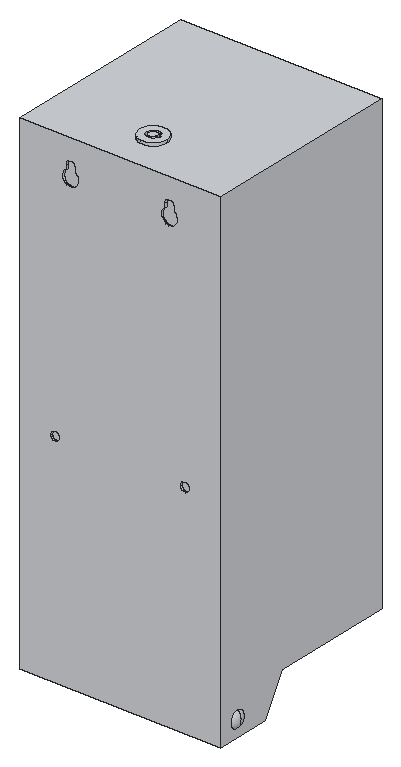
Revit family "AX9424-AC-HA_0002", category Appareils sanitaires, Revit 2016
Family settings
  Hôte = Mur
  Type d'élément = Normal
  Cote de connecteur circulaire = Utiliser le diamètre
  Numéro OmniClass = 23.75.00.00
  Titre OmniClass = Climate Control (HVAC)
  Toujours verticalement = Oui
  Couper avec des vides une fois chargée = Non
  Partagée = Non
  Point de calcul de pièce = Non
Parameters (values of type "Type 1")
  URL = "https://www.axeuro.com/fr/distributeurs-de-gel-hydroalcoolique/26128-distributeur-ax9424-ac-ha-3700926008551.html"
  Type de produit / Type of product = "Distributeur automatique de gel hydroalcoolique / Automatic hydroalcoholic gel dispenser"  # constant formula
  Référence / Reference = "AX9424-AC-HA"  # constant formula
  Model = ""
  Manufacturer = ""
  Entreprise / Company = "Axeuro"  # constant formula
  Description = ""
Reference planes
  plane 1 "Mur": y = 0
  plane 2 "Centre (gauche/droite)": x = 0
  plane 3 "Arrière": y = 75
Forms (mm)
  Extrusion 1, solid, not visible
    sketch origin (0, 75, 32.766) x (1, 0, 0) y (0, 0, 1)
      loop
        line (124.636, 467.234) -> (-157.364, 467.234) -> (-157.364, 77.234) -> (124.636, 77.234) -> (124.636, 467.234)
      loop
        line (122.836, 465.434) -> (-155.564, 465.434) -> (-155.564, 79.034) -> (122.836, 79.034) -> (122.836, 465.434)
    from -110 to 0
  Extrusion 2, solid, not visible
    sketch origin (0, 0, 32.766) x (0, 1, 0) y (0, 0, 1)
      loop
        line (75, 467.234) -> (75, 77.234) -> (76.843, 77.234) -> (76.843, 467.234) -> (75, 467.234)
    from -157.364 to 124.636
  Extrusion 3, solid, not visible
    sketch origin (0, 75, 32.766) x (1, 0, 0) y (0, 0, 1)
      loop
        line (122.836, 465.434) -> (-155.564, 465.434) -> (-155.564, 296.437) -> (122.836, 296.437) -> (122.836, 465.434)
    from -110 to 0
  Extrusion 4, solid, not visible
    sketch origin (0, 75, -184.637) x (1, 0, 0) y (0, 0, 1)
      loop
        line (122.836, 513.841) -> (-155.564, 513.841) -> (-155.564, 296.437) -> (122.836, 296.437) -> (122.836, 513.841)
    from -110 to 0
  Extrusion 5, solid, not visible
    sketch origin (-17.336, 75, 48.525) x (1, 0, 0) y (0, 0, 1)
      loop
        circle (-91.889, 325.864) r 19.45
    from -110.457 to -110
  Extrusion 6, void, not visible
    sketch origin (-11.211, 0, 5.271) x (1, 0, 0) y (0, 0, 1)
      loop
        circle (-109.008, 447.263) r 3
    from -76.843 to -75
  Extrusion 7, solid, not visible
    sketch origin (0, 75, 32.766) x (1, 0, 0) y (0, 0, 1)
      loop
        line (124.636, 467.234) -> (-157.364, 467.234) -> (-157.364, 77.234) -> (124.636, 77.234) -> (124.636, 467.234)
      loop
        line (122.836, 465.434) -> (-155.564, 465.434) -> (-155.564, 79.034) -> (122.836, 79.034) -> (122.836, 465.434)
    from -110 to 0
  Extrusion 8, solid, not visible
    sketch origin (0, 75, 32.766) x (1, 0, 0) y (0, 0, 1)
      loop
        line (122.836, 465.434) -> (-155.564, 465.434) -> (-155.564, 296.437) -> (122.836, 296.437) -> (122.836, 465.434)
    from -110 to 0
  Extrusion 9, solid, not visible
    sketch origin (0, 75, -184.637) x (1, 0, 0) y (0, 0, 1)
      loop
        line (122.836, 513.841) -> (-155.564, 513.841) -> (-155.564, 296.437) -> (122.836, 296.437) -> (122.836, 513.841)
    from -110 to 0
  Extrusion 10, solid, not visible
    sketch origin (-17.336, 75, 48.525) x (1, 0, 0) y (0, 0, 1)
      loop
        circle (-91.889, 325.864) r 19.45
    from -110.457 to -110
  Extrusion 11, void, not visible
    sketch origin (-11.211, 0, 5.271) x (1, 0, 0) y (0, 0, 1)
      loop
        circle (-109.008, 447.263) r 3
    from -76.843 to -75
  Extrusion 12, solid
    sketch origin (45.053, -71.24, 0) x (1, 0, 0) y (0, 1, 0)
      loop
        line (-100.053, 146.24) -> (9.947, 146.24) -> (9.947, 256.24) -> (-100.053, 256.24) -> (-100.053, 146.24)
    from 270 to 540
  Extrusion 13, void
    sketch origin (0, 0, 0) x (0, 1, 0) y (0, 0, 1)
      loop
        line (105, 270) -> (185, 270) -> (185, 290) -> (117, 290) -> (105, 270)
    from -55 to 55
  Extrusion 14, void
    sketch origin (-48.587, 0, 27.144) x (1, 0, 0) y (0, 0, 1)
      loop
        arc (19.087, 496.877) -> (21.587, 488.856) -> (24.087, 496.877) r 4.4
        line (24.087, 496.877) -> (24.087, 499.356)
        arc (24.087, 499.356) -> (21.587, 501.856) -> (19.087, 499.356) r 2.5
        line (19.087, 499.356) -> (19.087, 496.877)
    from -75.849 to -75
  Extrusion 15, void
    sketch origin (48.587, 0, 27.144) x (-1, 0, 0) y (0, 0, -1)
      loop
        line (19.087, -496.877) -> (19.087, -499.356)
        arc (19.087, -499.356) -> (21.587, -501.856) -> (24.087, -499.356) r 2.5
        line (24.087, -499.356) -> (24.087, -496.877)
        arc (24.087, -496.877) -> (21.587, -488.856) -> (19.087, -496.877) r 4.4
    from -75.849 to -75
  Extrusion 16, void
    sketch origin (0, 0, -6.997) x (-1, 0, 0) y (0, 0, -1)
      loop
        circle (-35.5, -398) r 2.5
    from -75.849 to -75
  Extrusion 17, void
    sketch origin (0, 0, -6.997) x (1, 0, 0) y (0, 0, 1)
      loop
        circle (-35.5, 398) r 2.5
    from -75.849 to -75
  Revolve 18, solid
    sketch origin (0, 86, -2.553) x (1, 0, 0) y (0, 0, 1)
      loop
        line (55, 282.053) -> (57, 282.053)
        arc (57, 282.053) -> (56.566, 284.554) -> (55, 286.553) r 5.204
        line (55, 286.553) -> (55, 282.053)
      axis (55, 282.053) -> (57, 282.053)
    angle from 0 to 360
  Revolve 19, solid
    sketch origin (0, 86, -2.553) x (-1, 0, 0) y (0, 0, -1)
      loop
        line (55, -282.053) -> (55, -286.553)
        arc (55, -286.553) -> (56.566, -284.554) -> (57, -282.053) r 5.204
        line (57, -282.053) -> (55, -282.053)
      axis (55, -282.053) -> (57, -282.053)
    angle from 0 to 360
  Extrusion 20, void
    sketch origin (-7.15, 75, -11.972) x (1, 0, 0) y (0, 0, 1)
      loop
        circle (32.65, 319.472) r 2.5
    from -110 to -108.683
  Extrusion 21, solid
    sketch origin (-90.696, -44.043, 0) x (1, 0, 0) y (0, 1, 0)
      loop
        circle (90.696, 141.543) r 7.5
      loop
        circle (90.696, 141.543) r 3.506
    from 540 to 541.5
  Extrusion 22, solid
    sketch origin (0, -3.506, 0) x (1, 0, 0) y (0, 1, 0)
      loop
        circle (0, 101.006) r 2.421
    from 540 to 541.5
  Extrusion 23, void
    sketch origin (0, 0.009, 0) x (-1, 0, 0) y (0, -1, 0)
      loop
        line (-3.922, -97.938) -> (-1.695, -97.938) -> (-1.695, -97.043) -> (-3.922, -97.043) -> (-3.922, -97.938)
    from 540 to 541.5
  Extrusion 24, void
    sketch origin (104.781, 75, -52.822) x (1, 0, 0) y (0, 0, 1)
      loop
        arc (-100.781, 524.822) -> (-104.781, 528.822) -> (-108.781, 524.822) r 4
        line (-108.781, 524.822) -> (-108.781, 444.822)
        arc (-108.781, 444.822) -> (-104.781, 440.822) -> (-100.781, 444.822) r 4
        line (-100.781, 444.822) -> (-100.781, 524.822)
    from -110 to -108.683
Cuts and joins
  Extrusion 13, Extrusion 14, Extrusion 15, Extrusion 16, Extrusion 17, Extrusion 20, Extrusion 23, Extrusion 24 cuts Extrusion 12
  Extrusion 23 cuts Extrusion 21
  Extrusion 23 cuts Extrusion 22
Text (mm)
  text "Côté de la mise en place" at (-1820.995, 1116.779, 0), in view "Niveau de réf."
  text "Côté de la mise en place" at (0, 1334.055, 2976.191), in view "Gauche"
  text "Côté de la mise en place" at (0, 439.194, 2944.362), in view "Droite"
Dimensions and locks
  host wall to plane 3 "Arrière" = 75 mm
  aligned and locked: plane 1 "Mur" to host wall
